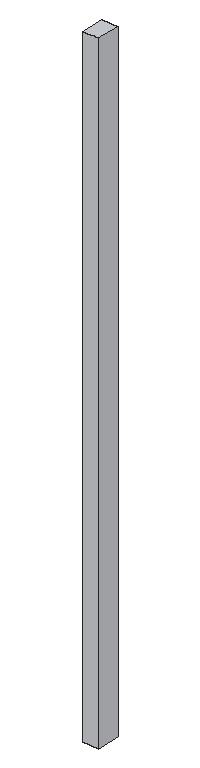
Revit family "AP - child", category Generic Models, Revit 2017
Family settings
  Can host rebar = No
  Round Connector Dimension = Use Diameter
  Part Type = Normal
  Work Plane-Based = No
  Always vertical = Yes
  Cut with Voids When Loaded = No
  Shared = No
  Room Calculation Point = No
Parameters
  Profondità_F = 70 mm
  Altezza_Var_F [instance] = 2800 mm
Reference planes
  plane 1 "Center (Front/Back)": y = 0
  plane 2: z = 0
  plane 3 "Center (Left/Right)": x = 0
  plane 4: x = 70
  plane 5: y = 100
  plane 6: z = -2800
Forms (mm)
  Extrusion 1, solid
    sketch origin (0, 0, 0) x (1, 0, 0) y (0, 1, 0)
      loop
        line (0, 100) -> (0, 0) -> (70, 0) -> (70, 100) -> (0, 100)
    from 0 to -2800
Dimensions and locks
  "Profondità_F": plane 4 to plane 3 "Center (Left/Right)"
  "Altezza_Var_F": plane 2 to plane 6
  plane 1 "Center (Front/Back)" to plane 5 = 100 mm
  aligned and locked: level to plane 2
  aligned and locked: plane 5 to Extrusion 1
  aligned and locked: plane 4 to Extrusion 1
  aligned and locked: plane 1 "Center (Front/Back)" to Extrusion 1
  aligned and locked: Extrusion 1 to plane 3 "Center (Left/Right)"
  aligned and locked: plane 6 to Extrusion 1
Automatic sketch dimensions
  Extrusion 1 sketch curve to plane 3 "Center (Left/Right)" = 0 mm
  plane 4 to Extrusion 1 sketch curve = 0 mm
  plane 1 "Center (Front/Back)" to Extrusion 1 sketch curve = 0 mm
  plane 5 to Extrusion 1 sketch curve = 0 mm
